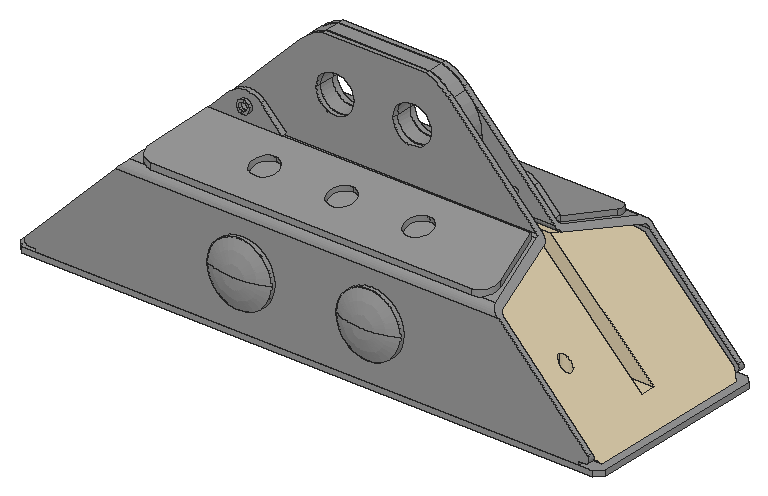
Revit family "ROTHOB_Rothoblaas_Plate_X-One", category Structural Connections, host Face, Revit 2020 (continued)
Automatic sketch dimensions
  Extrusion 18 sketch curve to Extrusion 18 sketch curve = 7.848 mm
  Extrusion 18 sketch curve to Extrusion 18 sketch curve = 6.45 mm
  Extrusion 18 sketch curve to Extrusion 18 sketch curve = 0.032 mm  (x2)
  Extrusion 18 sketch curve to Extrusion 18 sketch curve = 12.619 mm  (x2)
  Extrusion 18 sketch curve to Extrusion 18 sketch curve = 5.00 mm  (x2)
  Extrusion 18 sketch curve to Extrusion 18 sketch curve = 0.00 mm  (x2)
  curve 1 to Extrusion 2 = 0.00 mm
  curve 3 to Extrusion 2 = 0.00 mm
  curve 3 to Extrusion 2 = 6.277 mm
  curve 4 to Extrusion 2 = 6.277 mm
  curve 5 to Extrusion 2 = 23.342 mm
  curve 2 to Extrusion 2 = 23.342 mm
  Extrusion 2 to curve 3 = 60.785 mm
  curve 2 to curve 1 = 10.267 mm
  curve 2 to curve 5 = 33.657 mm
  curve 5 to curve 1 = 7.218 mm
  curve 4 to Extrusion 2 = 0.00 mm
  curve 3 to curve 3 = 41.402 mm
  curve 5 to curve 4 = 41.402 mm
  Extrusion 2 to curve 16 = 1.50 mm
  Extrusion 2 to curve 14 = 1.50 mm
  curve 12 to curve 12 = 2.209 mm
  curve 16 to curve 17 = 2.209 mm
  curve 12 to curve 11 = 1.583 mm
  curve 17 to curve 10 = 1.583 mm
  Extrusion 2 to curve 10 = 5.637 mm
  curve 17 to curve 16 = 1.116 mm
  curve 17 to curve 15 = 3.247 mm
  curve 13 to curve 12 = 2.741 mm
  curve 12 to curve 13 = 0.505 mm
  curve 10 to Extrusion 2 = 0.00 mm
  curve 11 to Extrusion 2 = 0.00 mm
  Extrusion 2 to curve 10 = 47.16 mm
  Extrusion 2 to curve 11 = 47.16 mm
  curve 23 to Extrusion 3 = 0.00 mm
  curve 30 to Extrusion 3 = 0.00 mm
  curve 23 to Extrusion 3 = 59.126 mm
  curve 23 to curve 24 = 0.106 mm
  Extrusion 3 to curve 33 = 5.502 mm
  curve 33 to Extrusion 3 = 59.236 mm
  curve 24 to curve 22 = 0.65 mm
  curve 24 to curve 21 = 0.751 mm
  curve 33 to curve 19 = 0.754 mm
  Extrusion 3 to curve 32 = 4.00 mm
  curve 19 to curve 32 = 1.835 mm
  Extrusion 3 to curve 25 = 3.995 mm
  curve 21 to curve 25 = 1.844 mm
  Extrusion 3 to curve 20 = 2.924 mm
  curve 24 to curve 20 = 3.232 mm
  curve 21 to curve 25 = 14.261 mm
  curve 26 to curve 32 = 0.004 mm
  curve 25 to curve 20 = 3.054 mm
  curve 31 to curve 31 = 3.098 mm
  curve 29 to curve 26 = 0.051 mm
  curve 20 to curve 27 = 0.377 mm
  curve 31 to curve 8 = 1.453 mm
  curve 26 to curve 29 = 1.451 mm
  curve 29 to curve 28 = 0.158 mm
  curve 33 to curve 19 = 0.369 mm
  curve 19 to curve 8 = 31.35 mm
  curve 8 to curve 31 = 0.646 mm
  curve 31 to curve 32 = 1.796 mm
  curve 26 to curve 25 = 1.776 mm
  curve 27 to curve 28 = 2.494 mm
  curve 20 to curve 26 = 0.219 mm
  curve 34 to Extrusion 3 = 0.193 mm
  curve 34 to curve 33 = 0.00 mm
  Extrusion 3 to curve 19 = 0.041 mm
  curve 34 to curve 19 = 0.22 mm
  Extrusion 3 to curve 19 = 3.16 mm
  curve 8 to curve 31 = 0.082 mm
  curve 8 to curve 31 = 0.409 mm
  curve 31 to curve 30 = 0.002 mm
  curve 8 to curve 8 = 0.158 mm
  Extrusion 3 to curve 34 = 2.50 mm
  curve 31 to curve 8 = 0.156 mm
  curve 31 to curve 30 = 0.025 mm
  curve 28 to Extrusion 3 = 0.00 mm
  curve 27 to Extrusion 3 = 0.00 mm
  curve 30 to curve 27 = 7.099 mm
  curve 22 to Extrusion 3 = 0.00 mm
  Extrusion 2 to curve 36 = 0.00 mm
  curve 36 to curve 36 = 48.094 mm
  Extrusion 2 to curve 35 = 0.00 mm
  curve 35 to curve 36 = 0.00 mm  (x2)
  Extrusion 2 to curve 36 = 112.453 mm
  curve 53 to Extrusion 3 = 0.00 mm
  curve 45 to Extrusion 3 = 0.00 mm
  curve 57 to Extrusion 3 = 0.00 mm
  curve 46 to Extrusion 3 = 0.00 mm
  Extrusion 3 to curve 50 = 2.50 mm
  Extrusion 3 to curve 50 = 59.126 mm
  curve 49 to curve 49 = 0.106 mm
  Extrusion 3 to curve 54 = 5.502 mm
  Extrusion 3 to curve 54 = 59.236 mm
  Extrusion 3 to curve 41 = 0.00 mm
  curve 49 to curve 41 = 0.65 mm
  curve 49 to curve 42 = 0.751 mm
  curve 54 to curve 18 = 0.754 mm
  Extrusion 3 to curve 55 = 4.00 mm
  curve 18 to curve 55 = 1.835 mm
  Extrusion 3 to curve 48 = 3.995 mm
  curve 42 to curve 48 = 1.844 mm
  Extrusion 3 to curve 43 = 2.924 mm
  curve 48 to curve 43 = 3.232 mm
  curve 42 to curve 48 = 14.261 mm
  curve 47 to curve 55 = 0.004 mm
  curve 47 to curve 43 = 3.054 mm
  curve 56 to curve 56 = 3.098 mm
  curve 44 to curve 47 = 0.051 mm
  curve 43 to curve 46 = 0.377 mm
  curve 56 to curve 9 = 1.453 mm
  curve 47 to curve 44 = 1.451 mm
  curve 44 to curve 45 = 0.158 mm
  curve 42 to curve 44 = 31.363 mm
  curve 44 to curve 47 = 0.649 mm
  curve 47 to curve 43 = 0.219 mm
  curve 43 to curve 48 = 1.576 mm
  curve 47 to curve 55 = 8.894 mm
  curve 56 to curve 56 = 1.796 mm
  curve 56 to curve 9 = 0.646 mm
  curve 18 to curve 54 = 0.369 mm
  curve 53 to curve 54 = 0.275 mm
  curve 53 to curve 54 = 0.002 mm
  Extrusion 3 to curve 18 = 0.041 mm
  curve 53 to curve 18 = 0.495 mm
  Extrusion 3 to curve 18 = 3.16 mm
  curve 9 to curve 56 = 0.082 mm
  curve 9 to curve 56 = 0.409 mm
  curve 56 to curve 57 = 0.002 mm
  curve 9 to curve 9 = 0.158 mm
  curve 57 to curve 56 = 0.025 mm
  curve 9 to curve 9 = 1.725 mm
  curve 54 to curve 53 = 0.021 mm
  curve 50 to Extrusion 3 = 0.00 mm
  curve 41 to Extrusion 3 = 0.00 mm
  curve 15 to Extrusion 2 = 0.00 mm
  curve 14 to Extrusion 2 = 0.00 mm
  Extrusion 2 to curve 14 = 10.00 mm
  curve 59 to Extrusion 1 = 0.00 mm  (x2)
  Extrusion 1 to curve 61 = 0.00 mm
  curve 61 to Extrusion 1 = 0.00 mm
  curve 65 to Extrusion 1 = 0.00 mm  (x3)
  curve 62 to Extrusion 1 = 0.00 mm
  curve 64 to Extrusion 1 = 0.00 mm
  curve 60 to Extrusion 1 = 0.00 mm
  Extrusion 1 to curve 62 = 0.00 mm
  curve 63 to Extrusion 1 = 0.00 mm
  curve 67 to plane 6 = 0.00 mm
  curve 67 to plane 4 = 0.00 mm
  plane 5 to curve 73 = 0.00 mm
  curve 70 to plane 7 = 0.00 mm
  plane 6 to curve 67 = 3.536 mm
  plane 6 to curve 73 = 3.536 mm
  plane 7 to curve 71 = 3.536 mm
  plane 7 to curve 68 = 3.536 mm
  curve 71 to plane 5 = 3.536 mm
  curve 73 to plane 5 = 3.536 mm
  curve 70 to plane 4 = 3.536 mm
  curve 67 to plane 4 = 3.536 mm
  Extrusion 5 to curve 83 = 0.00 mm
  Extrusion 5 to curve 85 = 0.003 mm
  curve 83 to Extrusion 5 = 8.469 mm
  curve 87 to Extrusion 5 = 8.469 mm
  curve 84 to Extrusion 5 = 7.137 mm
  curve 86 to Extrusion 5 = 7.137 mm
  Extrusion 5 to curve 83 = 7.721 mm
  Extrusion 5 to curve 88 = 13.992 mm
  curve 84 to curve 85 = 6.539 mm
  Extrusion 5 to curve 86 = 15.278 mm
  curve 86 to curve 85 = 0.493 mm
  Extrusion 5 to curve 87 = 14.518 mm
  curve 92 to Extrusion 5 = 0.00 mm
  Extrusion 5 to curve 90 = 0.003 mm
  curve 91 to Extrusion 5 = 8.469 mm
  curve 93 to Extrusion 5 = 8.469 mm
  curve 94 to Extrusion 5 = 7.137 mm
  curve 90 to Extrusion 5 = 7.137 mm
  Extrusion 5 to curve 93 = 8.247 mm
  Extrusion 5 to curve 93 = 14.518 mm
  curve 94 to curve 89 = 6.539 mm
  Extrusion 5 to curve 90 = 14.753 mm
  curve 90 to curve 89 = 0.493 mm
  Extrusion 5 to curve 92 = 13.992 mm
  Extrusion 5 to curve 96 = 15.98 mm
  curve 96 to curve 90 = 38.646 mm
  curve 95 to curve 95 = 6.20 mm
  Extrusion 5 to curve 97 = 15.98 mm
  curve 98 to curve 95 = 35.863 mm
  curve 97 to curve 97 = 6.20 mm
  curve 99 to curve 100 = 0.00 mm  (x2)
  Extrusion 5 to curve 100 = 15.98 mm
  curve 100 to curve 97 = 35.863 mm
  curve 100 to curve 99 = 6.20 mm
  Extrusion 5 to curve 103 = 16.603 mm
  curve 84 to curve 104 = 38.646 mm
  curve 103 to curve 103 = 6.20 mm
  Extrusion 5 to curve 106 = 16.603 mm
  curve 103 to curve 106 = 35.863 mm
  curve 105 to curve 105 = 6.20 mm
  curve 107 to curve 108 = 0.00 mm  (x2)
  Extrusion 5 to curve 107 = 16.603 mm
  curve 105 to curve 108 = 35.863 mm
  curve 107 to curve 107 = 6.20 mm
  Extrusion 5 to curve 109 = 0.00 mm
  Extrusion 5 to curve 111 = 0.003 mm
  curve 109 to Extrusion 5 = 8.469 mm
  curve 113 to Extrusion 5 = 8.469 mm
  curve 110 to Extrusion 5 = 7.137 mm
  curve 112 to Extrusion 5 = 7.137 mm
  Extrusion 5 to curve 109 = 7.721 mm
  Extrusion 5 to curve 114 = 13.992 mm
  curve 110 to curve 111 = 6.539 mm
  Extrusion 5 to curve 112 = 15.278 mm
  curve 112 to curve 111 = 0.493 mm
  Extrusion 5 to curve 113 = 14.518 mm
  Extrusion 5 to curve 115 = 15.908 mm
  curve 110 to curve 116 = 38.646 mm
  curve 115 to curve 115 = 5.50 mm
  Extrusion 5 to curve 118 = 15.908 mm
  curve 115 to curve 118 = 35.863 mm
  curve 117 to curve 117 = 5.50 mm
  curve 119 to curve 120 = 0.00 mm  (x2)
  Extrusion 5 to curve 119 = 15.908 mm
  curve 117 to curve 120 = 35.863 mm
  curve 119 to curve 119 = 5.50 mm
  curve 124 to Extrusion 5 = 0.00 mm
  Extrusion 5 to curve 122 = 0.003 mm
  curve 123 to Extrusion 5 = 8.469 mm
  curve 125 to Extrusion 5 = 8.469 mm
  curve 126 to Extrusion 5 = 7.137 mm
  curve 122 to Extrusion 5 = 7.137 mm
  Extrusion 5 to curve 125 = 8.247 mm
  Extrusion 5 to curve 125 = 14.518 mm
  curve 126 to curve 121 = 6.539 mm
  Extrusion 5 to curve 122 = 14.753 mm
  curve 122 to curve 121 = 0.493 mm
  Extrusion 5 to curve 124 = 13.992 mm
  Extrusion 5 to curve 128 = 16.531 mm
  curve 128 to curve 122 = 38.646 mm
  curve 128 to curve 127 = 5.50 mm
  Extrusion 5 to curve 130 = 16.531 mm
  curve 130 to curve 127 = 35.863 mm
  curve 129 to curve 129 = 5.50 mm
  curve 131 to curve 132 = 0.00 mm  (x2)
  Extrusion 5 to curve 131 = 16.531 mm
  curve 132 to curve 129 = 35.863 mm
  curve 131 to curve 131 = 5.50 mm
  curve 136 to Extrusion 8 = 0.00 mm  (x3)
  curve 134 to Extrusion 8 = 0.00 mm  (x3)
  curve 138 to Extrusion 8 = 0.00 mm
  Extrusion 8 to curve 138 = 0.00 mm
  curve 133 to Extrusion 8 = 0.00 mm
  Extrusion 8 to curve 133 = 0.00 mm
  curve 143 to Extrusion 8 = 0.00 mm  (x3)
  Extrusion 8 to curve 143 = 0.00 mm
  curve 141 to Extrusion 8 = 0.00 mm  (x2)
  curve 139 to Extrusion 8 = 0.00 mm  (x2)
  curve 142 to Extrusion 8 = 0.00 mm
  Extrusion 8 to curve 139 = 0.00 mm
  curve 148 to Extrusion 8 = 0.00 mm  (x2)
  curve 146 to Extrusion 8 = 0.00 mm  (x2)
  Extrusion 8 to curve 150 = 0.00 mm
  curve 150 to Extrusion 8 = 0.00 mm
  curve 145 to Extrusion 8 = 0.00 mm  (x2)
  Extrusion 8 to curve 145 = 0.00 mm
  curve 149 to Extrusion 8 = 0.00 mm
  curve 155 to Extrusion 8 = 0.00 mm  (x3)
  Extrusion 8 to curve 155 = 0.00 mm
  curve 153 to Extrusion 8 = 0.00 mm  (x2)
  curve 151 to Extrusion 8 = 0.00 mm
  Extrusion 8 to curve 151 = 0.00 mm
  curve 154 to Extrusion 8 = 0.00 mm
  curve 152 to Extrusion 8 = 0.00 mm
  curve 169 to Extrusion 2 = 22.251 mm
  curve 170 to curve 11 = 59.271 mm
  curve 170 to curve 169 = 6.521 mm
  curve 172 to Extrusion 2 = 22.251 mm
  curve 171 to curve 169 = 60.136 mm
  curve 172 to curve 171 = 6.521 mm
  curve 169 to curve 173 = 0.00 mm  (x2)
  curve 169 to curve 174 = 1.521 mm
  curve 171 to curve 175 = 0.00 mm  (x2)
  curve 171 to curve 176 = 1.521 mm
  curve 186 to Extrusion 2 = 22.251 mm
  Extrusion 2 to curve 186 = 106.432 mm
  curve 186 to Extrusion 2 = 10.589 mm
  curve 188 to Extrusion 2 = 22.251 mm
  curve 188 to curve 185 = 60.136 mm
  curve 187 to Extrusion 2 = 10.589 mm
  curve 193 to Extrusion 11 = 0.00 mm
  curve 195 to Extrusion 11 = 0.00 mm  (x2)
  Extrusion 11 to curve 194 = 0.00 mm
  curve 194 to curve 193 = 7.088 mm
  curve 196 to Extrusion 11 = 0.00 mm  (x2)
  curve 198 to Extrusion 11 = 0.00 mm
  Extrusion 11 to curve 198 = 0.00 mm
  curve 199 to Extrusion 11 = 0.00 mm
  Extrusion 7 to curve 211 = 16.877 mm
  Extrusion 7 to curve 211 = 38.049 mm
  curve 210 to curve 211 = 0.00 mm
  curve 210 to curve 211 = 3.042 mm
  curve 211 to curve 210 = 4.307 mm
  curve 210 to curve 210 = 1.521 mm
  Extrusion 7 to curve 213 = 38.049 mm
  curve 212 to curve 213 = 0.00 mm
  Extrusion 7 to curve 213 = 19.919 mm
  curve 213 to curve 212 = 3.042 mm
  curve 212 to curve 212 = 4.307 mm
  curve 212 to curve 212 = 1.521 mm
  Extrusion 10 to curve 214 = 0.00 mm
  curve 215 to Extrusion 10 = 0.00 mm  (x2)
  curve 216 to Extrusion 10 = 0.00 mm  (x2)
  curve 218 to Extrusion 10 = 0.00 mm
  curve 220 to Extrusion 10 = 0.00 mm  (x2)
  curve 221 to Extrusion 10 = 0.00 mm
  curve 221 to curve 228 = 0.433 mm
  curve 239 to Extrusion 7 = 0.00 mm
  Extrusion 7 to curve 241 = 2.50 mm
  Extrusion 7 to curve 241 = 5.171 mm
  Extrusion 7 to curve 238 = 2.50 mm
  Extrusion 7 to curve 238 = 5.171 mm
  Extrusion 7 to curve 233 = 13.965 mm
  Extrusion 7 to curve 242 = 21.269 mm
  Extrusion 7 to curve 236 = 21.269 mm
  Extrusion 7 to curve 235 = 6.104 mm
  curve 236 to curve 235 = 5.097 mm
  Extrusion 7 to curve 243 = 6.104 mm
  curve 242 to curve 243 = 5.097 mm
  Extrusion 7 to curve 232 = 3.598 mm
  Extrusion 7 to curve 234 = 3.598 mm
  Extrusion 7 to curve 240 = 6.156 mm
  curve 233 to curve 213 = 30.145 mm
  curve 232 to curve 235 = 7.086 mm
  Extrusion 7 to curve 238 = 6.156 mm
  curve 249 to Extrusion 7 = 0.00 mm
  Extrusion 7 to curve 250 = 2.50 mm
  Extrusion 7 to curve 250 = 5.171 mm
  Extrusion 7 to curve 247 = 2.50 mm
  Extrusion 7 to curve 247 = 5.171 mm
  Extrusion 7 to curve 255 = 13.965 mm
  Extrusion 7 to curve 246 = 21.269 mm
  Extrusion 7 to curve 252 = 21.269 mm
  Extrusion 7 to curve 252 = 6.104 mm
  curve 252 to curve 252 = 5.097 mm
  Extrusion 7 to curve 245 = 6.104 mm
  curve 246 to curve 245 = 5.097 mm
  Extrusion 7 to curve 254 = 3.598 mm
  Extrusion 7 to curve 245 = 3.598 mm
  Extrusion 7 to curve 249 = 6.156 mm  (x2)
  curve 254 to curve 211 = 30.145 mm
  curve 254 to curve 244 = 7.086 mm
  curve 256 to Extrusion 2 = 0.00 mm
  curve 256 to curve 256 = 1.50 mm
  Extrusion 2 to curve 257 = 10.00 mm
  curve 256 to curve 257 = 3.247 mm
  curve 257 to curve 258 = 2.209 mm
  curve 258 to curve 257 = 0.505 mm
  curve 258 to curve 258 = 1.583 mm
  curve 259 to Extrusion 2 = 0.00 mm
  curve 259 to Extrusion 2 = 1.50 mm
  Extrusion 2 to curve 260 = 10.00 mm
  curve 260 to curve 259 = 3.247 mm
  curve 260 to curve 261 = 2.209 mm
  curve 260 to curve 261 = 0.505 mm
  curve 261 to curve 261 = 1.583 mm
  curve 263 to Extrusion 2 = 0.00 mm
  Extrusion 2 to curve 263 = 1.50 mm
  curve 262 to curve 262 = 2.209 mm
  Extrusion 2 to curve 264 = 10.00 mm
  curve 263 to curve 262 = 2.741 mm
  curve 262 to curve 264 = 0.505 mm
  curve 262 to curve 262 = 1.583 mm
  curve 267 to Extrusion 2 = 0.00 mm
  curve 267 to Extrusion 2 = 1.50 mm
  Extrusion 2 to curve 267 = 10.00 mm
  curve 266 to curve 266 = 3.247 mm
  curve 268 to curve 268 = 2.209 mm
  curve 268 to curve 268 = 0.505 mm
  curve 268 to curve 268 = 1.583 mm
  Extrusion 2 to curve 270 = 10.00 mm
  Extrusion 2 to curve 271 = 10.00 mm
  curve 272 to Extrusion 2 = 1.50 mm
  curve 272 to curve 273 = 3.247 mm
  curve 273 to curve 274 = 2.209 mm
  curve 274 to curve 273 = 0.505 mm
  curve 274 to curve 274 = 1.583 mm
  Extrusion 2 to curve 279 = 1.50 mm
  curve 280 to curve 279 = 3.247 mm
  curve 280 to curve 281 = 2.209 mm
  curve 280 to curve 281 = 0.505 mm
  curve 281 to curve 281 = 1.583 mm
  curve 2 to curve 286 = 0.215 mm
  curve 286 to curve 2 = 1.173 mm
  curve 286 to curve 286 = 9.022 mm
  curve 288 to curve 289 = 0.00 mm  (x2)
  curve 5 to curve 289 = 0.215 mm
  curve 5 to curve 289 = 1.173 mm
  curve 288 to curve 5 = 7.848 mm
  curve 40 to Extrusion 2 = 0.00 mm
  curve 58 to Extrusion 2 = 0.00 mm
  Extrusion 2 to curve 58 = 23.342 mm
  Extrusion 2 to curve 40 = 23.342 mm
  curve 40 to curve 290 = 0.215 mm
  Extrusion 2 to curve 58 = 119.672 mm
  curve 58 to curve 40 = 33.657 mm
  curve 40 to curve 291 = 1.173 mm
  Extrusion 2 to curve 58 = 7.271 mm
  Extrusion 2 to curve 40 = 7.271 mm
  curve 58 to curve 58 = 7.218 mm
  curve 290 to curve 40 = 7.848 mm
  curve 40 to curve 290 = 2.977 mm
  curve 292 to curve 293 = 0.00 mm  (x2)
  curve 58 to curve 292 = 0.215 mm
  curve 292 to curve 58 = 1.173 mm
  curve 293 to curve 292 = 9.022 mm
  curve 38 to Extrusion 2 = 0.00 mm
  curve 51 to Extrusion 2 = 0.00 mm
  Extrusion 2 to curve 51 = 23.342 mm
  Extrusion 2 to curve 38 = 23.342 mm
  curve 51 to curve 294 = 0.215 mm
  Extrusion 2 to curve 295 = 118.498 mm
  curve 294 to curve 51 = 1.173 mm
  curve 51 to curve 38 = 33.657 mm
  Extrusion 2 to curve 38 = 6.277 mm
  Extrusion 2 to curve 51 = 6.277 mm
  curve 51 to curve 294 = 6.045 mm
  curve 294 to curve 294 = 9.022 mm
  curve 38 to curve 38 = 7.218 mm
  curve 296 to curve 297 = 0.00 mm  (x2)
  curve 38 to curve 296 = 0.215 mm
  curve 38 to curve 297 = 1.173 mm
  curve 297 to curve 38 = 7.848 mm
  curve 39 to Extrusion 2 = 0.00 mm
  curve 52 to Extrusion 2 = 0.00 mm
  curve 52 to Extrusion 2 = 23.342 mm
  curve 39 to Extrusion 2 = 23.342 mm
  curve 52 to curve 298 = 0.215 mm
  Extrusion 2 to curve 39 = 119.672 mm
  curve 39 to curve 52 = 33.657 mm
  curve 52 to curve 299 = 1.173 mm
  curve 39 to Extrusion 2 = 7.271 mm
  curve 52 to Extrusion 2 = 7.271 mm
  curve 39 to curve 39 = 7.218 mm
  curve 298 to curve 52 = 7.848 mm
  curve 52 to curve 298 = 2.977 mm
  curve 300 to curve 301 = 0.00 mm  (x2)
  curve 39 to curve 300 = 0.215 mm
  curve 300 to curve 39 = 1.173 mm
  curve 300 to curve 300 = 9.022 mm
  radius of Extrusion 8 sketch curve = 6.521 mm  (x2)
  radius of Extrusion 9 sketch curve = 15.00 mm  (x2)
  radius of Extrusion 14 sketch curve = 5.00 mm  (x2)
  radius of Extrusion 15 sketch curve = 9.022 mm  (x2)
  radius of Extrusion 16 sketch curve = 6.20 mm  (x3)
  radius of Extrusion 17 sketch curve = 5.50 mm  (x3)
  radius of Extrusion 21 sketch curve = 2.94 mm  (x2)
  radius of Extrusion 11 sketch curve = 2.001 mm
  radius of Extrusion 10 sketch curve = 2.001 mm
  radius of curve 177 to Extrusion 14 = 0.00 mm
  radius of curve 179 to Extrusion 14 = 0.00 mm
  radius of curve 181 to Extrusion 8 = 0.00 mm
  radius of curve 183 to Extrusion 8 = 0.00 mm
  radius of curve 189 to Extrusion 9 = 0.00 mm
  radius of curve 191 to Extrusion 9 = 0.00 mm
  radius of curve 193 to Extrusion 11 = 0.00 mm
  radius of curve 196 to Extrusion 11 = 0.00 mm
  radius of curve 214 to Extrusion 10 = 0.00 mm
  radius of curve 218 to Extrusion 10 = 0.00 mm
  radius of curve 225 to Revolve 20 = 0.00 mm
  radius of curve 226 to Revolve 20 = 0.00 mm
  radius of Extrusion 10 to curve 228 = 0.999 mm
  radius of curve 230 to Extrusion 10 = 0.00 mm
